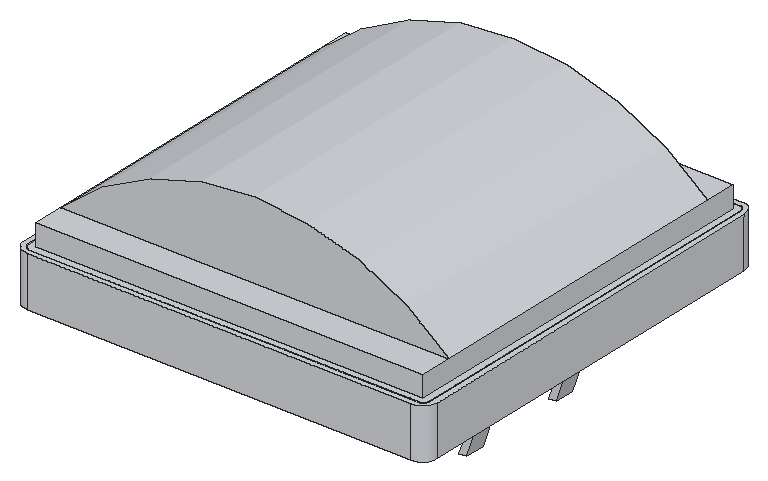
Revit family "Gira_5373005", category Electrical Fixtures, host Face, Revit 2017
Family settings
  Host = Face
  Maintain Annotation Orientation = Yes
  Round Connector Dimension = Use Diameter
  Part Type = Normal
  Cut with Voids When Loaded = No
  Shared = No
  Room Calculation Point = No
Parameters (values of type "S3000 Beweg.m.aufs. 1,10 m Standard System 55 Schwarz m")
  Werkstoffgüte = "sonstige"
  Werkstoff = "sonstige"
  URL = "http://katalog.gira.de/de_DE/datenblatt.html?artikelnr=5373005"
  Region = "DE"
  Name = "S3000 Beweg.m.aufs. 1,10 m Standard System 55 Schwarz m"
  Montagehöhe = "1,1 m"
  Montageart = "unter Putz"
  Manufacturer URL = "https://www.gira.de/"
  Keynote = "Bewegungsmelder_1,10m"
  HeinzeBIM = "https://bimportal.heinze.de/bim/s3000-beweg-m-aufs-1-10-m-standard-system-55-schwarz-m/4b1ee287b5f0a39eaac32a63c7bade04b84c1152"
  Halogenfrei = "No"
  HAN = "5373005"
  Geeignet für Schutzart (IP) = "IP22"
  GTIN = "4010337049845"
  Farbe = "schwarz"
  Default Elevation = 1219.2 mm
  Data sheet (1) = "https://katalog.gira.de/de_DE/download.html?artikelnr=5373005"
  Category = "Bewegungsmelder-Sensor"
  Available = "Yes"
  Ausführung = "Bewegungsmelder"
Reference planes
  plane 1 "Center (Front/Back)": y = 0
  plane 2: z = 0
  plane 3 "Center (Left/Right)": x = 0
Forms (mm)
  Extrusion 1, solid, detail levels fine
    sketch origin (0, 0, 0) x (1, 0, 0) y (0, 0, 1)
      loop
        line (-33.025, 12.126) -> (33.025, 12.126)
        arc (33.025, 12.126) -> (0, 25.3) -> (-33.025, 12.126) r 47.982
    from -27.6 to 27.6
  Extrusion 2, solid, detail levels fine
    sketch origin (0, 0, 0) x (1, 0, 0) y (0, 1, 0)
      loop
        line (33.025, 33.025) -> (-33.025, 33.025) -> (-33.025, -33.025) -> (33.025, -33.025) -> (33.025, 33.025)
    from 8.55 to 12.126
  Extrusion 3, solid, detail levels fine
    sketch origin (0, 0, 0) x (1, 0, 0) y (0, 1, 0)
      loop
        spline (-32.7, 35.2) -> (-33.027, 35.179) -> (-33.347, 35.115) -> (-33.657, 35.01) -> (-33.95, 34.865) -> (-34.222, 34.683) -> (-34.468, 34.468) -> (-34.683, 34.222) -> (-34.865, 33.95) -> (-35.01, 33.657) -> (-35.115, 33.347) -> (-35.179, 33.027) -> (-35.2, 32.7)
        line (-35.2, 32.7) -> (-35.2, -32.7)
        spline (-35.2, -32.7) -> (-35.179, -33.027) -> (-35.115, -33.347) -> (-35.01, -33.657) -> (-34.865, -33.95) -> (-34.683, -34.222) -> (-34.468, -34.468) -> (-34.222, -34.683) -> (-33.95, -34.865) -> (-33.657, -35.01) -> (-33.347, -35.115) -> (-33.027, -35.179) -> (-32.7, -35.2)
        line (-32.7, -35.2) -> (32.7, -35.2)
        spline (32.7, -35.2) -> (33.027, -35.179) -> (33.347, -35.115) -> (33.657, -35.01) -> (33.95, -34.865) -> (34.222, -34.683) -> (34.468, -34.468) -> (34.683, -34.222) -> (34.865, -33.95) -> (35.01, -33.657) -> (35.115, -33.347) -> (35.179, -33.027) -> (35.2, -32.7)
        line (35.2, -32.7) -> (35.2, 32.7)
        spline (35.2, 32.7) -> (35.179, 33.027) -> (35.115, 33.347) -> (35.01, 33.657) -> (34.865, 33.95) -> (34.683, 34.222) -> (34.468, 34.468) -> (34.222, 34.683) -> (33.95, 34.865) -> (33.657, 35.01) -> (33.347, 35.115) -> (33.027, 35.179) -> (32.7, 35.2)
        line (32.7, 35.2) -> (-32.7, 35.2)
      loop
        line (-34.2, 33.2) -> (-34.2, -33.2)
        spline (-34.2, -33.2) -> (-34.191, -33.331) -> (-34.166, -33.459) -> (-34.124, -33.583) -> (-34.066, -33.7) -> (-33.993, -33.809) -> (-33.907, -33.907) -> (-33.809, -33.993) -> (-33.7, -34.066) -> (-33.583, -34.124) -> (-33.459, -34.166) -> (-33.331, -34.191) -> (-33.2, -34.2)
        line (-33.2, -34.2) -> (33.2, -34.2)
        spline (33.2, -34.2) -> (33.331, -34.191) -> (33.459, -34.166) -> (33.583, -34.124) -> (33.7, -34.066) -> (33.809, -33.993) -> (33.907, -33.907) -> (33.993, -33.809) -> (34.066, -33.7) -> (34.124, -33.583) -> (34.166, -33.459) -> (34.191, -33.331) -> (34.2, -33.2)
        line (34.2, -33.2) -> (34.2, 33.2)
        spline (34.2, 33.2) -> (34.191, 33.331) -> (34.166, 33.459) -> (34.124, 33.583) -> (34.066, 33.7) -> (33.993, 33.809) -> (33.907, 33.907) -> (33.809, 33.993) -> (33.7, 34.066) -> (33.583, 34.124) -> (33.459, 34.166) -> (33.331, 34.191) -> (33.2, 34.2)
        line (33.2, 34.2) -> (-33.2, 34.2)
        spline (-33.2, 34.2) -> (-33.331, 34.191) -> (-33.459, 34.166) -> (-33.583, 34.124) -> (-33.7, 34.066) -> (-33.809, 33.993) -> (-33.907, 33.907) -> (-33.993, 33.809) -> (-34.066, 33.7) -> (-34.124, 33.583) -> (-34.166, 33.459) -> (-34.191, 33.331) -> (-34.2, 33.2)
    from 0 to 8.55
  Extrusion 4, solid, detail levels fine
    sketch origin (0, 0, 0) x (1, 0, 0) y (0, 1, 0)
      loop
        line (-34.2, 33.2) -> (-34.2, -33.2)
        spline (-34.2, -33.2) -> (-34.191, -33.331) -> (-34.166, -33.459) -> (-34.124, -33.583) -> (-34.066, -33.7) -> (-33.993, -33.809) -> (-33.907, -33.907) -> (-33.809, -33.993) -> (-33.7, -34.066) -> (-33.583, -34.124) -> (-33.459, -34.166) -> (-33.331, -34.191) -> (-33.2, -34.2)
        line (-33.2, -34.2) -> (33.2, -34.2)
        spline (33.2, -34.2) -> (33.331, -34.191) -> (33.459, -34.166) -> (33.583, -34.124) -> (33.7, -34.066) -> (33.809, -33.993) -> (33.907, -33.907) -> (33.993, -33.809) -> (34.066, -33.7) -> (34.124, -33.583) -> (34.166, -33.459) -> (34.191, -33.331) -> (34.2, -33.2)
        line (34.2, -33.2) -> (34.2, 33.2)
        spline (34.2, 33.2) -> (34.191, 33.331) -> (34.166, 33.459) -> (34.124, 33.583) -> (34.066, 33.7) -> (33.993, 33.809) -> (33.907, 33.907) -> (33.809, 33.993) -> (33.7, 34.066) -> (33.583, 34.124) -> (33.459, 34.166) -> (33.331, 34.191) -> (33.2, 34.2)
        line (33.2, 34.2) -> (-33.2, 34.2)
        spline (-33.2, 34.2) -> (-33.331, 34.191) -> (-33.459, 34.166) -> (-33.583, 34.124) -> (-33.7, 34.066) -> (-33.809, 33.993) -> (-33.907, 33.907) -> (-33.993, 33.809) -> (-34.066, 33.7) -> (-34.124, 33.583) -> (-34.166, 33.459) -> (-34.191, 33.331) -> (-34.2, 33.2)
    from 6.175 to 8.55
  Extrusion 5, solid, detail levels fine
    sketch origin (0, 0, 0) x (1, 0, 0) y (0, 1, 0)
      loop
        spline (-27.7, -27.1) -> (-27.696, -27.165) -> (-27.683, -27.229) -> (-27.662, -27.291) -> (-27.633, -27.35) -> (-27.597, -27.404) -> (-27.554, -27.454) -> (-27.504, -27.497) -> (-27.45, -27.533) -> (-27.391, -27.562) -> (-27.329, -27.583) -> (-27.265, -27.596) -> (-27.2, -27.6)
        line (-27.2, -27.6) -> (27.2, -27.6)
        spline (27.2, -27.6) -> (27.265, -27.596) -> (27.329, -27.583) -> (27.391, -27.562) -> (27.45, -27.533) -> (27.504, -27.497) -> (27.554, -27.454) -> (27.597, -27.404) -> (27.633, -27.35) -> (27.662, -27.291) -> (27.683, -27.229) -> (27.696, -27.165) -> (27.7, -27.1)
        line (27.7, -27.1) -> (27.7, 27.1)
        spline (27.7, 27.1) -> (27.696, 27.165) -> (27.683, 27.229) -> (27.662, 27.291) -> (27.633, 27.35) -> (27.597, 27.404) -> (27.554, 27.454) -> (27.504, 27.497) -> (27.45, 27.533) -> (27.391, 27.562) -> (27.329, 27.583) -> (27.265, 27.596) -> (27.2, 27.6)
        line (27.2, 27.6) -> (-27.2, 27.6)
        spline (-27.2, 27.6) -> (-27.265, 27.596) -> (-27.329, 27.583) -> (-27.391, 27.562) -> (-27.45, 27.533) -> (-27.504, 27.497) -> (-27.554, 27.454) -> (-27.597, 27.404) -> (-27.633, 27.35) -> (-27.662, 27.291) -> (-27.683, 27.229) -> (-27.696, 27.165) -> (-27.7, 27.1)
        line (-27.7, 27.1) -> (-27.7, -27.1)
      loop
        line (26.9, 26.8) -> (-26.9, 26.8) -> (-26.9, -26.8) -> (26.9, -26.8) -> (26.9, 26.8)
    from 0 to 6.175
  Extrusion 6, solid, detail levels fine
    sketch origin (0, 0, 0) x (1, 0, 0) y (0, 1, 0)
      loop
        line (-15.4, -23.928) -> (15.4, -23.928)
        arc (15.4, -23.928) -> (21.43, -21.43) -> (23.928, -15.4) r 8.528
        line (23.928, -15.4) -> (23.928, 15.4)
        arc (23.928, 15.4) -> (21.43, 21.43) -> (15.4, 23.928) r 8.528
        line (15.4, 23.928) -> (-15.4, 23.928)
        arc (-15.4, 23.928) -> (-21.43, 21.43) -> (-23.928, 15.4) r 8.528
        line (-23.928, 15.4) -> (-23.928, -15.4)
        arc (-23.928, -15.4) -> (-21.43, -21.43) -> (-15.4, -23.928) r 8.528
    from -0.985 to 1.6
  Extrusion 7, solid, detail levels fine
    sketch origin (0, 0, 0) x (1, 0, 0) y (0, 1, 0)
      loop
        line (-26.35, 18.301) -> (-26.35, -18.801)
        spline (-26.35, -18.801) -> (-26.286, -19.78) -> (-26.095, -20.742) -> (-25.779, -21.671) -> (-25.345, -22.551) -> (-24.8, -23.366) -> (-24.154, -24.104) -> (-23.416, -24.75) -> (-22.601, -25.295) -> (-21.721, -25.729) -> (-20.792, -26.045) -> (-19.83, -26.236) -> (-18.851, -26.3)
        line (-18.851, -26.3) -> (18.851, -26.3)
        spline (18.851, -26.3) -> (19.83, -26.236) -> (20.792, -26.045) -> (21.721, -25.729) -> (22.601, -25.295) -> (23.416, -24.75) -> (24.154, -24.104) -> (24.8, -23.366) -> (25.345, -22.551) -> (25.779, -21.671) -> (26.094, -20.742) -> (26.286, -19.78) -> (26.35, -18.801)
        line (26.35, -18.801) -> (26.35, 18.301)
        spline (26.35, 18.301) -> (26.286, 19.28) -> (26.094, 20.242) -> (25.779, 21.171) -> (25.345, 22.051) -> (24.8, 22.866) -> (24.154, 23.604) -> (23.416, 24.25) -> (22.601, 24.795) -> (21.721, 25.229) -> (20.792, 25.545) -> (19.83, 25.736) -> (18.851, 25.8)
        line (18.851, 25.8) -> (-18.851, 25.8)
        spline (-18.851, 25.8) -> (-19.83, 25.736) -> (-20.792, 25.545) -> (-21.721, 25.229) -> (-22.601, 24.795) -> (-23.416, 24.25) -> (-24.154, 23.604) -> (-24.8, 22.866) -> (-25.345, 22.051) -> (-25.779, 21.171) -> (-26.095, 20.242) -> (-26.286, 19.28) -> (-26.35, 18.301)
    from 1.6 to 6.1
  Extrusion 8, solid, detail levels fine
    sketch origin (0, 0, 0) x (1, 0, 0) y (0, 0, 1)
      loop
        line (-23.048, -13.343) -> (-21.665, -13.513) -> (-24.338, -6.363) -> (-23.36, 1.6) -> (-25.023, 1.6) -> (-24.975, -1.121) -> (-25.39, -6.541) -> (-23.048, -13.343)
      loop
        line (23.048, -13.343) -> (25.39, -6.541) -> (24.975, -1.121) -> (25.023, 1.6) -> (23.36, 1.6) -> (24.338, -6.363) -> (21.665, -13.513) -> (23.048, -13.343)
    from 7.9 to 11.14
  Extrusion 9, solid, detail levels fine
    sketch origin (0, 0, 0) x (1, 0, 0) y (0, 0, -1)
      loop
        line (-23.048, 13.343) -> (-25.39, 6.541) -> (-24.975, 1.121) -> (-25.023, -1.6) -> (-23.36, -1.6) -> (-24.338, 6.363) -> (-21.665, 13.513) -> (-23.048, 13.343)
      loop
        line (23.048, 13.343) -> (21.665, 13.513) -> (24.338, 6.363) -> (23.36, -1.6) -> (25.023, -1.6) -> (24.975, 1.121) -> (25.39, 6.541) -> (23.048, 13.343)
    from 7.9 to 11.14
  Extrusion 10, solid, detail levels fine
    sketch origin (0, 0, 0) x (1, 0, 0) y (0, 1, 0)
      loop
        line (-5.141, 20.681) -> (-5.141, 15.099)
        spline (-5.141, 15.099) -> (-5.133, 14.968) -> (-5.107, 14.84) -> (-5.065, 14.716) -> (-5.007, 14.599) -> (-4.935, 14.49) -> (-4.849, 14.391) -> (-4.75, 14.305) -> (-4.641, 14.233) -> (-4.524, 14.175) -> (-4.4, 14.133) -> (-4.272, 14.107) -> (-4.141, 14.099)
        line (-4.141, 14.099) -> (4.141, 14.099)
        spline (4.141, 14.099) -> (4.272, 14.107) -> (4.4, 14.133) -> (4.524, 14.175) -> (4.641, 14.233) -> (4.75, 14.305) -> (4.849, 14.391) -> (4.935, 14.49) -> (5.007, 14.599) -> (5.065, 14.716) -> (5.107, 14.84) -> (5.133, 14.968) -> (5.141, 15.099)
        line (5.141, 15.099) -> (5.141, 20.681)
        spline (5.141, 20.681) -> (5.133, 20.812) -> (5.107, 20.94) -> (5.065, 21.064) -> (5.007, 21.181) -> (4.935, 21.29) -> (4.849, 21.389) -> (4.75, 21.475) -> (4.641, 21.547) -> (4.524, 21.605) -> (4.4, 21.647) -> (4.272, 21.673) -> (4.141, 21.681)
        line (4.141, 21.681) -> (-4.141, 21.681)
        spline (-4.141, 21.681) -> (-4.272, 21.673) -> (-4.4, 21.647) -> (-4.524, 21.605) -> (-4.641, 21.547) -> (-4.75, 21.475) -> (-4.849, 21.389) -> (-4.935, 21.29) -> (-5.007, 21.181) -> (-5.065, 21.064) -> (-5.107, 20.94) -> (-5.133, 20.812) -> (-5.141, 20.681)
    from -17.3 to -0.985
  Extrusion 11, solid, detail levels medium
    sketch origin (0, 0, 0) x (1, 0, 0) y (0, 1, 0)
      loop
        line (33.025, 33.025) -> (-33.025, 33.025) -> (-33.025, -33.025) -> (33.025, -33.025) -> (33.025, 33.025)
    from 8.55 to 25.3
  Extrusion 12, solid, detail levels medium
    sketch origin (0, 0, 0) x (1, 0, 0) y (0, 1, 0)
      loop
        line (-35.2, 35.2) -> (-35.2, -35.2) -> (35.2, -35.2) -> (35.2, 35.2) -> (-35.2, 35.2)
    from 0 to 8.55
  Extrusion 13, solid, detail levels medium
    sketch origin (0, 0, 0) x (1, 0, 0) y (0, 0, 1)
      loop
        line (-25.023, 1.6) -> (-25.023, -13.1) -> (-21.665, -13.513) -> (-21.665, 1.6) -> (-25.023, 1.6)
      loop
        line (25.023, 1.6) -> (21.665, 1.6) -> (21.665, -13.513) -> (25.023, -13.1) -> (25.023, 1.6)
    from 8 to 11.14
  Extrusion 14, solid, detail levels medium
    sketch origin (0, 0, 0) x (1, 0, 0) y (0, 0, -1)
      loop
        line (-25.023, -1.6) -> (-21.665, -1.6) -> (-21.665, 13.513) -> (-25.023, 13.1) -> (-25.023, -1.6)
      loop
        line (25.023, -1.6) -> (25.023, 13.1) -> (21.665, 13.513) -> (21.665, -1.6) -> (25.023, -1.6)
    from 8 to 11.14
  Extrusion 15, solid, detail levels medium
    sketch origin (0, 0, 0) x (1, 0, 0) y (0, 1, 0)
      loop
        line (-5.141, 21.681) -> (-5.141, 14.099) -> (5.141, 14.099) -> (5.141, 21.681) -> (-5.141, 21.681)
    from -17.3 to -0.985
  Extrusion 16, solid, detail levels coarse
    sketch origin (0, 0, 0) x (1, 0, 0) y (0, 1, 0)
      loop
        line (-35.2, 35.2) -> (-35.2, -35.2) -> (35.2, -35.2) -> (35.2, 35.2) -> (-35.2, 35.2)
    from -17.3 to 25.3
Dimensions and locks
  aligned and locked: plane 2 to host face
  aligned and locked: level to host face
  aligned and locked: nested 1 to plane 3 "Center (Left/Right)"
  aligned and locked: plane 1 "Center (Front/Back)" to nested 1
Nested families
  nested 1: "Belegungssensor - Bewegung - Aufputz - Beschriftung" at (0, 0, 0) x (0, -1, 0) z (0, 0, 1), type "Belegungssensor - Bewegung - Aufputz - Beschriftung"
Connectors
  electrical at (0, 0, -17.3)
    settings: on Extrusion 16, index 1, voltage 220 V, apparent load 0 VA, apparent load phase1 0 VA, apparent load phase2 0 VA, apparent load phase3 0 VA, power factor 1, load classification "Other", number of poles 1, system type 30, power factor state 1, is connector primary yes, connector utility no, sub classification motor no, connector description ""
Definition of nested family "Belegungssensor - Bewegung - Aufputz - Beschriftung"
  Reference planes
    plane 1: y = 0
    plane 2: x = 0
  Lines and regions (mm)
    Filled region 1, type "Gefüllter Bereich 1"
      outline origin (143.425, -20.712, 0) x (1, 0, 0) y (0, 1, 0)
        loop
          line (-148.697, 21.204) -> (-148.697, 20.409) -> (-147.583, 20.807) -> (-148.697, 21.204)
    Filled region 2, type "Gefüllter Bereich 1"
      outline origin (141.808, 30.001, 0) x (0.939693, 0.34202, 0) y (-0.34202, 0.939693, 0)
        loop
          line (-148.694, 21.203) -> (-148.694, 20.41) -> (-147.583, 20.807) -> (-148.694, 21.203)
    Filled region 3, type "Gefüllter Bereich 1"
      outline origin (141.819, -29.825, 0) x (-0.34202, -0.939693, 0) y (0.939693, -0.34202, 0)
        loop
          line (21.204, -148.697) -> (20.807, -147.583) -> (20.409, -148.697) -> (21.204, -148.697)
    detail lines
      curve 1: line (-1.207, 0.095, 0) -> (-3.486, 1.411, 0)
      curve 2: line (-1.207, 0.095, 0) -> (-3.486, -1.221, 0)
      curve 5: arc (-3.252, 1.752, 0) -> (-3.839, 0.095, 0) -> (-3.252, -1.562, 0) r 2.632
      curve 6: line (-6, 3, 0) -> (0, 3, 0)
      curve 7: line (-6, -3, 0) -> (-6, 3, 0)
      curve 8: line (0, -3, 0) -> (-6, -3, 0)
      curve 9: line (0, 3, 0) -> (0, -3, 0)
    reference lines
      curve 3: line (-1.207, 0.095, 0) -> (-3.616, 2.046, 0)
      curve 4: line (-1.207, 0.095, 0) -> (-3.616, -1.856, 0)
  Dimensions and locks
    curve 1 to curve 1 = 2.632 mm
    curve 2 to curve 2 = 2.632 mm
    curve 6 to curve 8 = 6 mm
    curve 7 to curve 9 = 6 mm
    angle curve 1 to curve 2 = 60.00°
    aligned and locked: curve 6 to curve 7
    aligned and locked: curve 9 to curve 9
